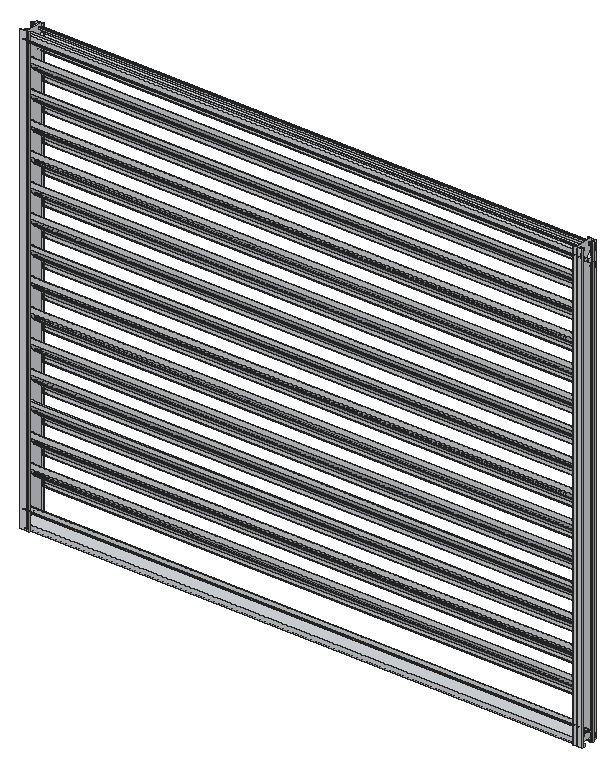
Revit family
Parameters (values of type "00000-Air Balance-013009-Ver1-A245")
  Blade Array = ((Height - 2 7/16" - 3 1/2") / 3")  # 14
  URL = "www.airbalance.com"
  OmniClass Table 23 Title = "Exterior Louvers and Grilles"
  OmniClass Table 23 Code = "23-30 60 11 17"
  Model = "A245"
  Manufacturer = "Air Balance"
  Height = 48"
  Description = "Stationary Louver"
  Default Sill Height = 36"
  Wall Closure = (empty or 0)
  Width = 60"
  Blade Width = Width - (13/16" * 2)  # 58 3/8"
  Assembly Code = ""
Reference planes (in)
  plane 1 "Center (Front/Back)": y = 0
  plane 2: z = 0
  plane 3 "Center (Left/Right)": x = 0
  plane 4 "Left": x = -30
  plane 5 "Right": x = 30
  plane 6 "Sill": z = 36
  plane 7 "Top": z = 84
  plane 8: z = 80
  plane 9: z = 77
  plane 10: y = 2.93608
  plane 11: x = 29.188
  plane 12: x = -29.188
  plane 13: y = 3
Forms (in)
  Sweep 1, solid
    path in 3D
      loop
        line (30, 3, 36) -> (30, 3, 84)
    profile origin (30, 3, 60) x (0, 1, 0) y (-1, 0, 0)
      loop
        line (-0.00492, 0) -> (-0.00492, 0.7825)
        arc (-0.00492, 0.7825) -> (-0.03442, 0.812) -> (-0.06392, 0.7825) r 0.0295
        line (-0.06392, 0.7825) -> (-0.06392, 0.52272) -> (-1.94592, 0.52272) -> (-1.94592, 0.7825)
        arc (-1.94592, 0.7825) -> (-1.97542, 0.812) -> (-2.00492, 0.7825) r 0.0295
        line (-2.00492, 0.7825) -> (-2.00492, -0.1585)
        arc (-2.00492, -0.1585) -> (-1.97542, -0.188) -> (-1.94592, -0.1585) r 0.0295
        line (-1.94592, -0.1585) -> (-1.94592, 0.441) -> (-0.06392, 0.441) -> (-0.06392, 0.059) -> (-0.50092, 0.059) -> (-0.50092, -0.1585)
        arc (-0.50092, -0.1585) -> (-0.47142, -0.188) -> (-0.44192, -0.1585) r 0.0295
        line (-0.44192, -0.1585) -> (-0.44192, 0) -> (-0.00492, 0)
  Sweep 2, solid
    path in 3D
      loop
        line (-30, 3, 84) -> (-30, 3, 36)
    profile origin (-30, 3, 60) x (1, 0, 0) y (0, 1, 0)
      loop
        line (0, -0.00492) -> (0, -0.44192) -> (-0.1585, -0.44192)
        arc (-0.1585, -0.44192) -> (-0.188, -0.47142) -> (-0.1585, -0.50092) r 0.0295
        line (-0.1585, -0.50092) -> (0.059, -0.50092) -> (0.059, -0.06392) -> (0.441, -0.06392) -> (0.441, -1.94592) -> (-0.1585, -1.94592)
        arc (-0.1585, -1.94592) -> (-0.188, -1.97542) -> (-0.1585, -2.00492) r 0.0295
        line (-0.1585, -2.00492) -> (0.7825, -2.00492)
        arc (0.7825, -2.00492) -> (0.812, -1.97542) -> (0.7825, -1.94592) r 0.0295
        line (0.7825, -1.94592) -> (0.52272, -1.94592) -> (0.52272, -0.06392) -> (0.7825, -0.06392)
        arc (0.7825, -0.06392) -> (0.812, -0.03442) -> (0.7825, -0.00492) r 0.0295
        line (0.7825, -0.00492) -> (0, -0.00492)
  Sweep 3, solid
    path in 3D
      loop
        line (-30, 3, 36) -> (30, 3, 36)
    profile origin (0, 3, 36) x (0, 1, 0) y (0, 0, 1)
      loop
        line (-0.08396, 0.063) -> (-0.08396, 0.63143) -> (-0.5858, 0.99604)
        arc (-0.5858, 0.99604) -> (-0.63078, 1.15385) -> (-0.79477, 1.14786) r 0.133
        line (-0.79477, 1.14786) -> (-1.1477, 1.40428)
        arc (-1.1477, 1.40428) -> (-1.14172, 1.42283) -> (-1.13852, 1.44205) r 0.13301
        arc (-1.13852, 1.44205) -> (-1.16697, 1.47638) -> (-1.20125, 1.44788) r 0.0315
        arc (-1.20125, 1.44788) -> (-1.32046, 1.40475) -> (-1.27732, 1.52396) r 0.07
        arc (-1.27732, 1.52396) -> (-1.24882, 1.55819) -> (-1.28305, 1.58669) r 0.0315
        arc (-1.28305, 1.58669) -> (-1.32216, 1.577) -> (-1.35657, 1.55603) r 0.133
        line (-1.35657, 1.55603) -> (-1.83696, 1.90506) -> (-1.83696, 2.34549)
        arc (-1.83696, 2.34549) -> (-1.86646, 2.37499) -> (-1.89596, 2.34549) r 0.0295
        line (-1.89596, 2.34549) -> (-1.89596, 1.87499) -> (-1.39218, 1.50898)
        arc (-1.39218, 1.50898) -> (-1.40218, 1.43258) -> (-1.36815, 1.36346) r 0.133
        line (-1.36815, 1.36346) -> (-1.89596, 0.63699) -> (-1.89596, 0.06299) -> (-1.55196, 0.06299) -> (-1.55196, -0.09551)
        arc (-1.55196, -0.09551) -> (-1.52246, -0.12501) -> (-1.49296, -0.0955) r 0.0295
        line (-1.49296, -0.0955) -> (-1.49296, 0.12199) -> (-1.83696, 0.12199) -> (-1.83696, 0.61782) -> (-1.31929, 1.33034)
        arc (-1.31929, 1.33034) -> (-1.24673, 1.32347) -> (-1.18145, 1.35587) r 0.133
        line (-1.18145, 1.35587) -> (-0.83028, 1.10074)
        arc (-0.83028, 1.10074) -> (-0.83759, 1.08005) -> (-0.8414, 1.05844) r 0.13301
        arc (-0.8414, 1.05844) -> (-0.81295, 1.02411) -> (-0.77867, 1.05261) r 0.0315
        arc (-0.77867, 1.05261) -> (-0.65946, 1.09574) -> (-0.70259, 0.97654) r 0.07
        arc (-0.70259, 0.97654) -> (-0.7311, 0.9423) -> (-0.69687, 0.9138) r 0.0315
        arc (-0.69687, 0.9138) -> (-0.6555, 0.92446) -> (-0.61964, 0.9477) r 0.133
        line (-0.61964, 0.9477) -> (-0.14296, 0.60137) -> (-0.14296, 0.122) -> (-0.48696, 0.122) -> (-0.48696, -0.0955)
        arc (-0.48696, -0.0955) -> (-0.45746, -0.125) -> (-0.42796, -0.0955) r 0.0295
        line (-0.42796, -0.0955) -> (-0.42796, 0.063) -> (-0.08396, 0.063)
  Sweep 4, solid
    path in 3D
      loop
        line (30, 3, 84) -> (-30, 3, 84)
    profile origin (0, 3, 84) x (0, 1, 0) y (0, 0, -1)
      loop
        arc (-1.37668, 1.21505) -> (-1.34083, 1.19182) -> (-1.29946, 1.18115) r 0.133
        arc (-1.29946, 1.18115) -> (-1.26523, 1.20966) -> (-1.29373, 1.24389) r 0.0315
        arc (-1.29373, 1.24389) -> (-1.33687, 1.3631) -> (-1.21766, 1.31997) r 0.07
        arc (-1.21766, 1.31997) -> (-1.18338, 1.29147) -> (-1.15493, 1.32579) r 0.0315
        arc (-1.15493, 1.32579) -> (-1.15874, 1.3474) -> (-1.16604, 1.36809) r 0.13301
        line (-1.16604, 1.36809) -> (-0.81488, 1.62323)
        arc (-0.81488, 1.62323) -> (-0.7496, 1.59083) -> (-0.67704, 1.59769) r 0.133
        line (-0.67704, 1.59769) -> (-0.15937, 0.88518) -> (-0.15937, 0.38935) -> (-0.50337, 0.38935) -> (-0.50337, 0.17185)
        arc (-0.50337, 0.17185) -> (-0.47387, 0.14235) -> (-0.44437, 0.17185) r 0.0295
        line (-0.44437, 0.17185) -> (-0.44437, 0.33035) -> (-0.10037, 0.33035) -> (-0.10037, 0.90435) -> (-0.62817, 1.63081)
        arc (-0.62817, 1.63081) -> (-0.59414, 1.69994) -> (-0.60415, 1.77633) r 0.133
        line (-0.60415, 1.77633) -> (-0.10037, 2.14235) -> (-0.10037, 2.61285)
        arc (-0.10037, 2.61285) -> (-0.12987, 2.64235) -> (-0.15937, 2.61285) r 0.0295
        line (-0.15937, 2.61285) -> (-0.15937, 2.17241) -> (-0.63976, 1.82339)
        arc (-0.63976, 1.82339) -> (-0.67417, 1.84435) -> (-0.71328, 1.85405) r 0.133
        arc (-0.71328, 1.85405) -> (-0.74751, 1.82554) -> (-0.719, 1.79131) r 0.0315
        arc (-0.719, 1.79131) -> (-0.67587, 1.6721) -> (-0.79508, 1.71524) r 0.07
        arc (-0.79508, 1.71524) -> (-0.82936, 1.74374) -> (-0.85781, 1.70941) r 0.0315
        arc (-0.85781, 1.70941) -> (-0.8546, 1.69019) -> (-0.84863, 1.67164) r 0.13301
        line (-0.84863, 1.67164) -> (-1.20156, 1.41522)
        arc (-1.20156, 1.41522) -> (-1.36554, 1.4212) -> (-1.41053, 1.26339) r 0.133
        line (-1.41053, 1.26339) -> (-1.91237, 0.89878) -> (-1.91237, 0.33035) -> (-1.56837, 0.33035) -> (-1.56837, 0.17185)
        arc (-1.56837, 0.17185) -> (-1.53887, 0.14235) -> (-1.50937, 0.17185) r 0.0295
        line (-1.50937, 0.17185) -> (-1.50937, 0.38935) -> (-1.85337, 0.38935) -> (-1.85337, 0.86872) -> (-1.37668, 1.21505)
Lines and regions (in)
  Opening 1
    outline origin (-60, -3, 0) x (1, 0, 0) y (0, 0, 1)
      loop
        line (30, 84) -> (30, 36) -> (90, 36) -> (90, 84) -> (30, 84)
  sketch lines
    curve 1: line (30, 3, 36) -> (30, 3, 84)
    curve 2: line (-30, 3, 84) -> (-30, 3, 36)
    curve 3: line (-30, 3, 36) -> (30, 3, 36)
    curve 4: line (30, 3, 84) -> (-30, 3, 84)
Text (in)
  text "EXTERIOR" at (-93.24559, 50.90694, 0), in view "Ref. Level"
  text "INTERIOR" at (-93.24559, -37.76638, 0), in view "Ref. Level"
  text "Exterior" at (0, 43.65631, 123.19604), in view "Left"
  text "Exterior" at (0, 18.29385, 125.04747), in view "Right"
Dimensions and locks (in)
  equal spacing: plane 4 "Left", plane 3 "Center (Left/Right)", plane 5 "Right"
  "Width": plane 4 "Left" to plane 5 "Right"
  "Height": plane 6 "Sill" to plane 7 "Top"
  "Default Sill Height": plane 2 to plane 6 "Sill"
  plane 6 "Sill" to plane 7 "Top" = 48"
  locked: plane 8 to plane 7 "Top" at 4
  locked: plane 9 to plane 8 at 3
  equal spacing: group 1, group 2, group 3, group 4, group 5, group 6, group 7, group 8, group 9, group 10, group 11, group 12, group 13, group 14  (x2)
  equal spacing: group 14, group 13, group 12, group 11, group 10, group 9, group 8, group 7, group 6, group 5, group 4, group 3, group 2, group 1
  locked: plane 13 to plane 10 at 0.06392
  locked: plane 13 to host wall
  locked: plane 12 to plane 4 "Left" at 0.812
  locked: plane 5 "Right" to plane 11 at 0.812
  aligned and locked: plane 7 "Top" to Opening 1 sketch curve
  aligned and locked: plane 6 "Sill" to Opening 1 sketch curve  (x2)
  aligned and locked: plane 5 "Right" to Opening 1 sketch curve
  aligned and locked: plane 4 "Left" to Opening 1 sketch curve
  aligned and locked: nested 1 to plane 8
  aligned and locked: nested 2 to plane 9
  aligned and locked: plane 10 to nested 1
  aligned and locked: plane 10 to nested 2
  aligned and locked: nested 1 to plane 12
  aligned and locked: nested 2 to plane 12
Automatic sketch dimensions
  profile plane to Sweep 1 sketch curve = 2.00492"
  Sweep 1 sketch curve to Sweep 1 sketch curve = 0.0295"  (x4)
  Sweep 1 sketch curve to Sweep 1 sketch curve = 1.445"
  Sweep 1 sketch curve to Sweep 1 sketch curve = 0.378"
  Sweep 1 sketch curve to Sweep 1 sketch curve = 0"
  Sweep 1 sketch curve to profile plane = 0.1585"  (x2)
  Sweep 1 sketch curve to Sweep 1 sketch curve = 0.1585"
  Sweep 1 sketch curve to Sweep 1 sketch curve = 0.059"
  Sweep 1 sketch curve to Sweep 1 sketch curve = 0.382"
  Sweep 1 sketch curve to Sweep 1 sketch curve = 0.08172"
  Sweep 1 sketch curve to Sweep 1 sketch curve = 0.25978"  (x2)
  Sweep 2 sketch curve to profile plane = 0.1585"
  Sweep 2 sketch curve to Sweep 2 sketch curve = 0"  (x2)
  Sweep 2 sketch curve to Sweep 2 sketch curve = 0.1585"
  Sweep 2 sketch curve to Sweep 2 sketch curve = 0.059"
  Sweep 2 sketch curve to Sweep 2 sketch curve = 0.382"
  Sweep 2 sketch curve to Sweep 2 sketch curve = 0.08172"
  Sweep 2 sketch curve to Sweep 2 sketch curve = 0.25978"  (x2)
  profile plane to Sweep 2 sketch curve = 2.00492"
  Sweep 2 sketch curve to Sweep 2 sketch curve = 0.0295"  (x4)
  Sweep 2 sketch curve to Sweep 2 sketch curve = 1.445"
  Sweep 2 sketch curve to Sweep 2 sketch curve = 0.378"
  Sweep 3 sketch curve to Sweep 3 sketch curve = 0"  (x26)
  profile plane to Sweep 3 sketch curve = 0.06299"
  Sweep 3 sketch curve to Sweep 3 sketch curve = 0.0295"  (x3)
  Sweep 3 sketch curve to Sweep 3 sketch curve = 0.059"  (x9)
  Sweep 3 sketch curve to Sweep 3 sketch curve = 0.285"  (x2)
  Sweep 3 sketch curve to Sweep 3 sketch curve = 0.44478"
  Sweep 3 sketch curve to Sweep 3 sketch curve = 0.02402"
  Sweep 3 sketch curve to Sweep 3 sketch curve = 0.03561"
  Sweep 3 sketch curve to Sweep 3 sketch curve = 0.04886"
  Sweep 3 sketch curve to Sweep 3 sketch curve = 0.07352"
  Sweep 3 sketch curve to Sweep 3 sketch curve = 0.00286"  (x4)
  Sweep 3 sketch curve to Sweep 3 sketch curve = 0.00636"  (x2)
  Sweep 3 sketch curve to Sweep 3 sketch curve = 0.06971"  (x2)
  Sweep 3 sketch curve to Sweep 3 sketch curve = 0.0198"
  Sweep 3 sketch curve to Sweep 3 sketch curve = 0.03137"  (x3)
  Sweep 3 sketch curve to Sweep 3 sketch curve = 0.02218"
  Sweep 3 sketch curve to Sweep 3 sketch curve = 0.03136"  (x2)
  Sweep 3 sketch curve to Sweep 3 sketch curve = 0.34005"
  Sweep 3 sketch curve to Sweep 3 sketch curve = 0.01112"
  Sweep 3 sketch curve to Sweep 3 sketch curve = 0.03552"
  Sweep 3 sketch curve to Sweep 3 sketch curve = 0.08009"
  Sweep 3 sketch curve to Sweep 3 sketch curve = 0.03384"
  Sweep 3 sketch curve to Sweep 3 sketch curve = 0.20991"
  Sweep 3 sketch curve to profile plane = 0.0955"
  Sweep 3 sketch curve to Sweep 3 sketch curve = 0.47668"
  Sweep 3 sketch curve to Sweep 3 sketch curve = 0.1585"  (x2)
  Sweep 3 sketch curve to Sweep 3 sketch curve = 0.49583"
  Sweep 3 sketch curve to Sweep 3 sketch curve = 0.01917"
  Sweep 3 sketch curve to Sweep 3 sketch curve = 0.31243"
  Sweep 3 sketch curve to Sweep 3 sketch curve = 0.04834"
  Sweep 3 sketch curve to Sweep 3 sketch curve = 0.2296"
  Sweep 3 sketch curve to Sweep 3 sketch curve = 0.02554"
  Sweep 3 sketch curve to Sweep 3 sketch curve = 0.03312"
  Sweep 3 sketch curve to Sweep 3 sketch curve = 0.04841"
  Sweep 3 sketch curve to Sweep 3 sketch curve = 0.03777"
  Sweep 3 sketch curve to Sweep 3 sketch curve = 0.00296"
  Sweep 3 sketch curve to Sweep 3 sketch curve = 0.36602"
  Sweep 3 sketch curve to Sweep 3 sketch curve = 0.03006"  (x2)
  Sweep 3 sketch curve to Sweep 3 sketch curve = 0.44044"
  Sweep 3 sketch curve to Sweep 3 sketch curve = 0.47937"
  profile plane to Sweep 3 sketch curve = 1.89596"
  Sweep 4 sketch curve to Sweep 4 sketch curve = 0"  (x16)
  profile plane to Sweep 4 sketch curve = 1.91237"
  profile plane to Sweep 4 sketch curve = 0.33035"
  Sweep 4 sketch curve to Sweep 4 sketch curve = 0.059"  (x5)
  Sweep 4 sketch curve to Sweep 4 sketch curve = 0.285"
  profile plane to Sweep 4 sketch curve = 0.17185"  (x2)
  Sweep 4 sketch curve to Sweep 4 sketch curve = 0.0295"  (x3)
  Sweep 4 sketch curve to Sweep 4 sketch curve = 0.44284"
  Sweep 4 sketch curve to Sweep 4 sketch curve = 0.03384"
  Sweep 4 sketch curve to Sweep 4 sketch curve = 0.07722"
  Sweep 4 sketch curve to Sweep 4 sketch curve = 0.00286"  (x4)
  Sweep 4 sketch curve to Sweep 4 sketch curve = 0.00636"  (x2)
  Sweep 4 sketch curve to Sweep 4 sketch curve = 0.06971"  (x2)
  Sweep 4 sketch curve to Sweep 4 sketch curve = 0.0161"
  Sweep 4 sketch curve to Sweep 4 sketch curve = 0.03137"  (x3)
  profile plane to Sweep 4 sketch curve = 1.36809"
  Sweep 4 sketch curve to Sweep 4 sketch curve = 0.02024"
  Sweep 4 sketch curve to Sweep 4 sketch curve = 0.03136"  (x2)
  Sweep 4 sketch curve to Sweep 4 sketch curve = 11/32"
  Sweep 4 sketch curve to Sweep 4 sketch curve = 0.00918"
  Sweep 4 sketch curve to Sweep 4 sketch curve = 0.03375"
  Sweep 4 sketch curve to Sweep 4 sketch curve = 0.04832"
  profile plane to Sweep 4 sketch curve = 1.82339"
  Sweep 4 sketch curve to Sweep 4 sketch curve = 0.07638"
  Sweep 4 sketch curve to Sweep 4 sketch curve = 0.04886"
  Sweep 4 sketch curve to Sweep 4 sketch curve = 0.03561"
  profile plane to Sweep 4 sketch curve = 0.38935"
  Sweep 4 sketch curve to Sweep 4 sketch curve = 1.006"
  profile plane to Sweep 4 sketch curve = 0.88518"
  Sweep 4 sketch curve to Sweep 4 sketch curve = 0.344"
  Sweep 4 sketch curve to Sweep 4 sketch curve = 0.48039"
  profile plane to Sweep 4 sketch curve = 0.90435"
  Sweep 4 sketch curve to Sweep 4 sketch curve = 0.1585"
  Sweep 4 sketch curve to Sweep 4 sketch curve = 0.47937"
  Sweep 4 sketch curve to Sweep 4 sketch curve = 0.03006"  (x2)
  Sweep 4 sketch curve to Sweep 4 sketch curve = 0.18694"
  Sweep 4 sketch curve to Sweep 4 sketch curve = 0.04834"
  Sweep 4 sketch curve to Sweep 4 sketch curve = 0.22569"
  Sweep 4 sketch curve to Sweep 4 sketch curve = 0.02554"
  Sweep 4 sketch curve to Sweep 4 sketch curve = 0.03312"
  Sweep 4 sketch curve to Sweep 4 sketch curve = 0.04841"
  Sweep 4 sketch curve to Sweep 4 sketch curve = 0.03777"
  Sweep 4 sketch curve to Sweep 4 sketch curve = 0.36602"
  Sweep 4 sketch curve to Sweep 4 sketch curve = 0.44044"
Nested families (in)
  nested 1: "louvers" at (-29.188, 1.12316, 78.4918), Width <- "Blade Width", type "Family3"
    with Width 58 3/8", Blade Material none
  nested 2: "louvers" at (-29.188, 1.12316, 75.4918), Width <- "Blade Width", type "Family3"
    with Width 58 3/8", Blade Material none
  nested 3: "louvers" at (-29.188, 1.12316, 72.4918), Width <- "Blade Width", type "Family3"
    with Width 58 3/8", Blade Material none
  nested 4: "louvers" at (-29.188, 1.12316, 69.4918), Width <- "Blade Width", type "Family3"
    with Width 58 3/8", Blade Material none
  nested 5: "louvers" at (-29.188, 1.12316, 66.4918), Width <- "Blade Width", type "Family3"
    with Width 58 3/8", Blade Material none
  nested 6: "louvers" at (-29.188, 1.12316, 63.4918), Width <- "Blade Width", type "Family3"
    with Width 58 3/8", Blade Material none
  nested 7: "louvers" at (-29.188, 1.12316, 60.4918), Width <- "Blade Width", type "Family3"
    with Width 58 3/8", Blade Material none
  nested 8: "louvers" at (-29.188, 1.12316, 57.4918), Width <- "Blade Width", type "Family3"
    with Width 58 3/8", Blade Material none
  nested 9: "louvers" at (-29.188, 1.12316, 54.4918), Width <- "Blade Width", type "Family3"
    with Width 58 3/8", Blade Material none
  nested 10: "louvers" at (-29.188, 1.12316, 51.4918), Width <- "Blade Width", type "Family3"
    with Width 58 3/8", Blade Material none
  nested 11: "louvers" at (-29.188, 1.12316, 48.4918), Width <- "Blade Width", type "Family3"
    with Width 58 3/8", Blade Material none
  nested 12: "louvers" at (-29.188, 1.12316, 45.4918), Width <- "Blade Width", type "Family3"
    with Width 58 3/8", Blade Material none
  nested 13: "louvers" at (-29.188, 1.12316, 42.4918), Width <- "Blade Width", type "Family3"
    with Width 58 3/8", Blade Material none
  nested 14: "louvers" at (-29.188, 1.12316, 39.4918), Width <- "Blade Width", type "Family3"
    with Width 58 3/8", Blade Material none
Definition of nested family "louvers"
  Parameters (values of type "Family3")
    Width [instance] = 34 1/4"
    Blade Material [instance] = none
    Assembly Code = ""
  Reference planes (in)
    plane 1 "Center (Front/Back)": y = 0
    plane 2: z = 0
    plane 3 "Center (Left/Right)": x = 0
    plane 4: x = 34.25
    plane 5: z = 3.06552
    plane 6: z = 1.5082
    plane 7: y = 1.00107
    plane 8: y = 1.81292
  Forms (in)
    Extrusion 1, solid
      sketch origin (0, 0, 0) x (0, 1, 0) y (0, 0, 1)
        loop
          line (1.75141, 0.48978) -> (1.75141, 0.0615)
          arc (1.75141, 0.0615) -> (1.76943, 0.01801) -> (1.81292, 0) r 0.0615
          line (1.81292, 0) -> (1.81292, 0.50167) -> (1.27688, 1.41323) -> (0.72525, 1.60317) -> (0.74833, 1.67017)
          arc (0.74833, 1.67017) -> (0.74235, 1.77054) -> (0.66701, 1.83711) r 0.131
          line (0.66701, 1.83711) -> (0.39884, 1.92945) -> (0.05858, 2.51878) -> (0.05858, 3.00648)
          arc (0.05858, 3.00648) -> (0.04318, 3.04977) -> (0, 3.06552) r 0.05399
          line (0, 3.06552) -> (0, 2.50167) -> (0.35783, 1.88117) -> (0.49788, 1.83295)
          arc (0.49788, 1.83295) -> (0.51714, 1.8136) -> (0.51365, 1.78653) r 0.031
          arc (0.51365, 1.78653) -> (0.49906, 1.75715) -> (0.49212, 1.72508) r 0.133
          arc (0.49212, 1.72508) -> (0.5207, 1.69102) -> (0.55487, 1.71948) r 0.0315
          arc (0.55487, 1.71948) -> (0.67404, 1.76271) -> (0.63101, 1.64347) r 0.07
          arc (0.63101, 1.64347) -> (0.60028, 1.61359) -> (0.62303, 1.57727) r 0.0341
          line (0.62303, 1.57727) -> (1.06153, 1.42628)
          arc (1.06153, 1.42628) -> (1.08086, 1.40676) -> (1.07708, 1.37955) r 0.031
          arc (1.07708, 1.37955) -> (1.06184, 1.34954) -> (1.05461, 1.31667) r 0.133
          arc (1.05461, 1.31667) -> (1.08324, 1.28264) -> (1.11737, 1.31115) r 0.0315
          arc (1.11737, 1.31115) -> (1.23657, 1.3543) -> (1.19348, 1.23508) r 0.07
          arc (1.19348, 1.23508) -> (1.16494, 1.20086) -> (1.19918, 1.17234) r 0.0315
          arc (1.19918, 1.17234) -> (1.24417, 1.18466) -> (1.28214, 1.21177) r 0.133
          arc (1.28214, 1.21177) -> (1.30806, 1.22085) -> (1.33103, 1.20578) r 0.031
          line (1.33103, 1.20578) -> (1.75141, 0.48978)
      from 0 to 34.25
  Dimensions and locks (in)
    "Width": plane 3 "Center (Left/Right)" to plane 4
    aligned and locked: Extrusion 1 to plane 3 "Center (Left/Right)"
    aligned and locked: plane 4 to Extrusion 1
    aligned: plane 8 to Extrusion 1
  Automatic sketch dimensions
    Extrusion 1 sketch curve to Extrusion 1 sketch curve = 0"  (x17)
    Extrusion 1 sketch curve to level = 0"
    Extrusion 1 sketch curve to plane 1 "Center (Front/Back)" = 0"
    Extrusion 1 sketch curve to Extrusion 1 sketch curve = 0.00485"
    Extrusion 1 sketch curve to Extrusion 1 sketch curve = 0.05373"
    Extrusion 1 sketch curve to Extrusion 1 sketch curve = 0.29925"
    Extrusion 1 sketch curve to Extrusion 1 sketch curve = 0.04101"
    Extrusion 1 sketch curve to Extrusion 1 sketch curve = 0.12996"
    Extrusion 1 sketch curve to Extrusion 1 sketch curve = 0.00433"
    level to Extrusion 1 sketch curve = 1.83295"
    Extrusion 1 sketch curve to Extrusion 1 sketch curve = 0.01009"  (x2)
    Extrusion 1 sketch curve to Extrusion 1 sketch curve = 0.02586"
    Extrusion 1 sketch curve to Extrusion 1 sketch curve = 0.03139"  (x2)
    Extrusion 1 sketch curve to Extrusion 1 sketch curve = 0.03136"
    level to Extrusion 1 sketch curve = 1.57727"
    Extrusion 1 sketch curve to Extrusion 1 sketch curve = 0.06816"
    Extrusion 1 sketch curve to Extrusion 1 sketch curve = 0.06972"
    Extrusion 1 sketch curve to Extrusion 1 sketch curve = 0.00797"
    Extrusion 1 sketch curve to Extrusion 1 sketch curve = 0.00313"
    Extrusion 1 sketch curve to Extrusion 1 sketch curve = 0.04243"
    level to Extrusion 1 sketch curve = 1.60317"
    Extrusion 1 sketch curve to Extrusion 1 sketch curve = 0.09112"
    level to Extrusion 1 sketch curve = 1.67017"
    Extrusion 1 sketch curve to Extrusion 1 sketch curve = 0.02307"
    Extrusion 1 sketch curve to Extrusion 1 sketch curve = 0.32619"
    Extrusion 1 sketch curve to Extrusion 1 sketch curve = 0.00317"
    Extrusion 1 sketch curve to Extrusion 1 sketch curve = 0.02564"
    Extrusion 1 sketch curve to Extrusion 1 sketch curve = 0.03137"  (x2)
    Extrusion 1 sketch curve to Extrusion 1 sketch curve = 0.06971"
    Extrusion 1 sketch curve to Extrusion 1 sketch curve = 0.0064"
    Extrusion 1 sketch curve to Extrusion 1 sketch curve = 0.00283"
    Extrusion 1 sketch curve to Extrusion 1 sketch curve = 0.00286"
    level to Extrusion 1 sketch curve = 1.41323"
    Extrusion 1 sketch curve to Extrusion 1 sketch curve = 0.0898"
    Extrusion 1 sketch curve to Extrusion 1 sketch curve = 0.08583"
    Extrusion 1 sketch curve to Extrusion 1 sketch curve = 0.02216"
    level to Extrusion 1 sketch curve = 1.20578"
    Extrusion 1 sketch curve to Extrusion 1 sketch curve = 0.02673"
    level to Extrusion 1 sketch curve = 0.48978"
    Extrusion 1 sketch curve to Extrusion 1 sketch curve = 0.42039"
    Extrusion 1 sketch curve to Extrusion 1 sketch curve = 0.0615"
    Extrusion 1 sketch curve to Extrusion 1 sketch curve = 0.01189"
    Extrusion 1 sketch curve to Extrusion 1 sketch curve = 0.03344"
    Extrusion 1 sketch curve to Extrusion 1 sketch curve = 0.03224"
    Extrusion 1 sketch curve to Extrusion 1 sketch curve = 0.04822"
    Extrusion 1 sketch curve to Extrusion 1 sketch curve = 0.04828"
    Extrusion 1 sketch curve to Extrusion 1 sketch curve = 0.57222"
    Extrusion 1 sketch curve to Extrusion 1 sketch curve = 0.01712"
    Extrusion 1 sketch curve to Extrusion 1 sketch curve = 0.48769"
    Extrusion 1 sketch curve to Extrusion 1 sketch curve = 0.00527"
